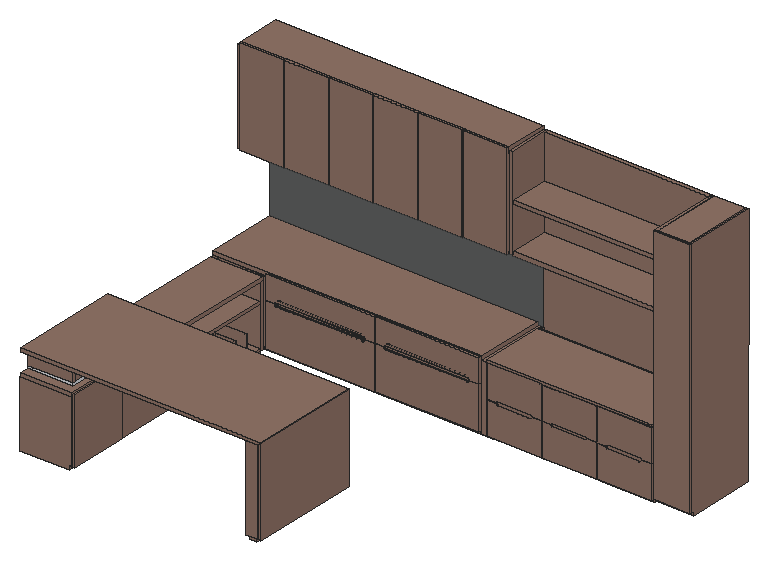
Revit family "T100020", category Furniture, Revit 2022
Family settings
  OmniClass Number = 23.40.20.00
  OmniClass Title = General Furniture and Specialties
  Work Plane-Based = No
  Always vertical = Yes
  Cut with Voids When Loaded = No
  Render Appearance Source = Family Geometry
  Shared = No
  Room Calculation Point = No
Parameters (values of type "T100189")
  URL = "https://ofs.com/"
  Manufacturer = "OFS"
  Description = "OFS TYPICAL T100189"
  Default Elevation = 0"
  Copyright © = "©OFS 2021"
  Catalog = "https://ofs.com/2020-experience"
  Authoring Version = "Autodesk Revit Architecture 2015"
  Assembly Code = "E2020400"
Reference planes (in)
  plane 1 "Center Front/Back": y = 0
  plane 2: z = 0
  plane 3 "Center Left/Right": x = 0
Dimensions and locks (in)
  aligned and locked: level to plane 2
Nested families (in)
  nested 1: "OFS ELEMENT OPEN L DESK LEFT AND RIGHT 84in Width 60in Return" at (102, 18.84375, 84), type "ELEMENT OPEN L DESK LEFT RETURN 84in Width 60in Return"
    with Right Desk Ovelay no, Left Desk Overlay no, Desk Overlay Option yes
  nested 2: "OFS SLATE STORAGE CABINET WARDROBE" at (108, 0, 0), type "Storage Cabinet-Wardrobe 24.75D Left - 12W x 81H"
    with Top OFS SLATE Dark Wood, Right no, Left yes, Glides OFS SLATE Black Plastic, Door OFS SLATE Dark Wood, Case OFS SLATE Dark Wood, Base OFS SLATE Dark Wood
  nested 3: "OFS SLATE LOW HEIGHT MODULAR PEDESTAL" at (54, 0, 0), type "LOW HEIGHT MODUALR PEDESTAL Top Pull"
    with Top OFS SLATE Dark Wood, Panel OFS SLATE Dark Wood, Mount Panel OFS SLATE Dark Wood, Glides OFS SLATE Black Plastic, Drawers OFS SLATE Dark Wood, Base OFS SLATE Dark Wood
  nested 4: "OFS SLATE LOW HEIGHT MODULAR PEDESTAL" at (72, 0, 0), type "LOW HEIGHT MODUALR PEDESTAL Top Pull"
    with Top OFS SLATE Dark Wood, Panel OFS SLATE Dark Wood, Mount Panel OFS SLATE Dark Wood, Glides OFS SLATE Black Plastic, Drawers OFS SLATE Dark Wood, Base OFS SLATE Dark Wood
  nested 5: "OFS SLATE LOW HEIGHT MODULAR PEDESTAL" at (90, 0, 0), type "LOW HEIGHT MODUALR PEDESTAL Top Pull"
    with Top OFS SLATE Dark Wood, Panel OFS SLATE Dark Wood, Mount Panel OFS SLATE Dark Wood, Glides OFS SLATE Black Plastic, Drawers OFS SLATE Dark Wood, Base OFS SLATE Dark Wood
  nested 6: "OFS SLATE MODULAR TECH SPACER" at (-21.30951, -97.22222, -1.62622) x (-1, 0, 0) z (0, 0, 1), type "MODULAR TECH SPACER 32.75D Right"
    with Elevation 24 3/4"
  nested 7: "OFS SLATE WALLMOUNT PANEL WITH SHELF VENEER PARTIAL HEIGHT C" at (81, -12, 0), type "WALLMOUNT PANEL WITH RIGHT SHELF VENEER 4H 54in - 2H Shelf"
    with Chasis OFS SLATE Dark Wood, C6J Intermediate Shelf yes, C6J yes
  nested 8: "OFS SLATE LOW HEIGHT CONSOLE RETURN" at (-36, -25.50068, 0) x (0, 1, 0) z (0, 0, 1), type "Low Height Console Return 78W - Right"
    with Shelf OFS SLATE Dark Wood, Glide OFS SLATE Silver Metal, Door OFS SLATE Dark Wood, Case OFS SLATE Dark Wood, Bookshelf OFS SLATE Dark Wood
  nested 9: "OFS SLATE WALLMOUNT PANEL GLASS 2H" at (9, -12, -6), type "WALLMOUNT PANEL GLASS BOARD 2H 90""
    with Glass OFS SLATE Glass, Back Panel OFS SLATE Black Plastic, Height 28"
  nested 10: "OFS SLATE OVERLAY RUNOFF DESK W PANEL BASE - Left" at (3.5, -91.50068, 0) x (-1, 0, 0) z (0, 0, 1), type "OVERLAY RUNOFF DESK W PANEL BASE 78W x 36D Left"
    with Glides OFS SLATE Black Plastic, Front Panel Finish OFS SLATE Dark Wood, Chasis OFS SLATE Dark Wood
  nested 11: "OFS SLATE OVERLAY WALLMOUNT ORGANIZER W HINGED DOORS 2H" at (9, -12, 0), type "OVERLAY WALLMOUNT ORGANIZER W 6 HINGED DOORS 2H 90""
    with Glides OFS SLATE Black Plastic, Front Panel Finish OFS SLATE Dark Wood, Chasis OFS SLATE Dark Wood
  nested 12: "OFS SLATE WORKWALL LOW HEIGHT CORNER DOCK" at (-6, 0, 0), type "SLATE WORKWALL LOW HEIGHT OVERLAY CORNER DOCK-CREDENZA LATERAL FILE 90W Left"
    with Width 90", Top OFS Dark Wood, Panel OFS Dark Wood, Glides OFS Black Plastic, Drawers OFS Dark Wood, Case OFS Dark Wood, Base OFS Dark Wood
  nested 13: "OFS SLATE STORAGE MODULAR CABINET TOPS - Wire Drop Back" at (33, -3.36145, 0), type "Workwall Modular Cabinet Top w Wire Drop on the Back 54W SG"
    with Top Cabinet OFS SLATE Dark Wood, Height from Floor 24"
Definition of nested family "OFS SLATE STORAGE CABINET WARDROBE"
  Parameters (values of type "Storage Cabinet-Wardrobe 24.75D Left - 12W x 81H")
    Width = 12"
    URL = "http://www.ofs.com/"
    Top [instance] = none
    Right [instance] = no
    Model = "CA-122481LSW"
    Manufacturer = "CAROLINA"  # constant formula
    Left [instance] = yes
    Height = 81"
    Glides [instance] = none
    Door [instance] = none
    Description = "OFS SLATE Storage Cabinet/Wardrobe Left 12W x 24.75D x 80.75H, Slate Private Office"
    Depth = 24"
    Default Elevation = 0"
    Copyright © = "© 2019 OFS"  # constant formula
    Catalog = "https://ofs.com/products/tables/conference/slate"  # constant formula
    Case [instance] = none
    Base [instance] = none
    Authoring Version = "Autodesk Revit Architecture 2014"  # constant formula
    Assembly Code = "E2020200"
  Types (16): name | Width | Right | Model | Left | Height | Description | Depth
    Storage Cabinet-Wardrobe 24.75D Left - 18W x 81H | 18" | no | "CA-182481LSW" | yes | 81" | "OFS SLATE Storage Cabinet/Wardrobe Left 18W x 24.75D x 80.75H, Slate Private Office" | 24"
    Storage Cabinet-Wardrobe 24.75D Left - 12W x 81H | 12" | no | "CA-122481LSW" | yes | 81" | "OFS SLATE Storage Cabinet/Wardrobe Left 12W x 24.75D x 80.75H, Slate Private Office" | 24"
    Storage Cabinet-Wardrobe 24.75D Left - 18W x 69H | 18" | no | "CA-182469LSW" | yes | 69" | "OFS SLATE Storage Cabinet/Wardrobe Left 18W x 24.75D x 68.75H, Slate Private Office" | 24"
    Storage Cabinet-Wardrobe 24.75D Left - 12W x 69H | 12" | no | "CA-122469LSW" | yes | 69" | "OFS SLATE Storage Cabinet/Wardrobe Left 12W x 24.75D x 68.75H, Slate Private Office" | 24"
    Storage Cabinet-Wardrobe 24.75D Right - 18W x 81H | 18" | yes | "CA-182481RSW" | no | 81" | "OFS SLATE Storage Cabinet/Wardrobe Right 18W x 24.75D x 80.75H, Slate Private Office" | 24"
    Storage Cabinet-Wardrobe 24.75D Right - 12W x 81H | 12" | yes | "CA-122481RSW" | no | 81" | "OFS SLATE Storage Cabinet/Wardrobe Right 12W x 24.75D x 80.75H, Slate Private Office" | 24"
    Storage Cabinet-Wardrobe 24.75D Right - 18W x 69H | 18" | yes | "CA-182469RSW" | no | 69" | "OFS SLATE Storage Cabinet/Wardrobe Right 18W x 24.75D x 68.75H, Slate Private Office" | 24"
    Storage Cabinet-Wardrobe 24.75D Right - 12W x 69H | 12" | yes | "CA-122469RSW" | no | 69" | "OFS SLATE Storage Cabinet/Wardrobe Right 12W x 24.75D x 68.75H, Slate Private Office" | 24"
    Storage Cabinet-Wardrobe 18D Left - 18W x 81H | 18" | no | "CA-181881LSW" | yes | 81" | "OFS SLATE Storage Cabinet/Wardrobe Left 18W x 18D x 80.75H, Slate Private Office" | 18"
    Storage Cabinet-Wardrobe 18D Left - 12W x 81H | 12" | no | "CA-121881LSW" | yes | 81" | "OFS SLATE Storage Cabinet/Wardrobe Left 12W x 18D x 80.75H, Slate Private Office" | 18"
    Storage Cabinet-Wardrobe 18D Left - 18W x 69H | 18" | no | "CA-181869LSW" | yes | 69" | "OFS SLATE Storage Cabinet/Wardrobe Left 18W x 18D x 68.75H, Slate Private Office" | 18"
    Storage Cabinet-Wardrobe 18D Left - 12W x 69H | 12" | no | "CA-121869LSW" | yes | 69" | "OFS SLATE Storage Cabinet/Wardrobe Left 12W x 18D x 68.75H, Slate Private Office" | 18"
    Storage Cabinet-Wardrobe 18D Right - 18W x 81H | 18" | yes | "CA-181881RSW" | no | 81" | "OFS SLATE Storage Cabinet/Wardrobe Right 18W x 18D x 80.75H, Slate Private Office" | 18"
    Storage Cabinet-Wardrobe 18D Right - 12W x 81H | 12" | yes | "CA-121881RSW" | no | 81" | "OFS SLATE Storage Cabinet/Wardrobe Right 12W x 18D x 80.75H, Slate Private Office" | 18"
    Storage Cabinet-Wardrobe 18D Right - 18W x 69H | 18" | yes | "CA-181869RSW" | no | 69" | "OFS SLATE Storage Cabinet/Wardrobe Right 18W x 18D x 68.75H, Slate Private Office" | 18"
    Storage Cabinet-Wardrobe 18D Right - 12W x 69H | 12" | yes | "CA-121869RSW" | no | 69" | "OFS SLATE Storage Cabinet/Wardrobe Right 12W x 18D x 68.75H, Slate Private Office" | 18"
  Reference planes (in)
    plane 1 "Center (Front/Back)": y = 0
    plane 2: z = 0
    plane 3 "Center (Left/Right)": x = 0
    plane 4: x = 12
    plane 5: x = 6
    plane 6: y = -24
    plane 7: y = -27.66451
    plane 8: z = 80.7
    plane 9: z = 80.6375
    plane 10: z = 79.95
    plane 11: z = 1.7625
    plane 12: z = 2.45
    plane 13: z = 1.7
    plane 14: z = 0.45
    plane 15: z = 81
  Dimensions and locks (in)
    "Width": plane 3 "Center (Left/Right)" to plane 4
    equal spacing: plane 3 "Center (Left/Right)", plane 5, plane 4
    plane 15 to plane 8 to plane 9 to plane 10 = 0.3" locked, 1/16" locked, 11/16" locked
    plane 12 to plane 11 to plane 13 to plane 14 to level = 11/16" locked, 1/16" locked, 1 1/4" locked, 0.45" locked
    "Height": plane 15 to level
    equal spacing: nested 3, nested 4, plane 3 "Center (Left/Right)"
    locked: plane 7 to plane 6 at 3.66451
    "Depth": plane 6 to plane 1 "Center (Front/Back)"
    aligned and locked: level to plane 2
    aligned and locked: nested 1 to plane 7
    aligned and locked: plane 5 to nested 1
    aligned and locked: nested 4 to plane 7
  Nested families (in)
    nested 1: "Tag" at (6, -27.66451, 0) x (-1, 0, 0) z (0, 0, 1), visible <- "Left", type "Center", detail levels fine
      with Offset (LR) 0", Distance of Center (not Change) 0.11"
    nested 2: "OFS_Slate Private Office_Storage_Cabinet_Wardrobe" at (0, 0, 0), Top <- "Top", Glides <- "Glides", Drawers <- "Door", Case <- "Case", Base <- "Base", visible <- "Left", type "OFS_Slate Private Office_Storage_Cabinet_Wardrobe"
      with Top none, Right no, Left yes, Glides none, Drawers none, Case none, Base none, Height 81", Depth 24"
    nested 3: "OFS_Slate Private Office_Storage_Cabinet_Wardrobe" at (0, 0, 0) x (-1, 0, 0) z (0, 0, 1), Top <- "Top", Glides <- "Glides", Drawers <- "Door", Case <- "Case", Base <- "Base", visible <- "Right", type "OFS_Slate Private Office_Storage_Cabinet_Wardrobe"
      with Top none, Right no, Left yes, Glides none, Drawers none, Case none, Base none, Height 81", Depth 24"
    nested 4: "Tag" at (-6, -27.66451, 0), visible <- "Right", type "Center", detail levels fine
      with Offset (LR) 0", Distance of Center (not Change) 0.11"
  Definition of nested family "OFS_Slate Private Office_Storage_Cabinet_Wardrobe"
    Parameters
      Width = 12"
      URL = "http://www.ofsbrands.com/"
      Top [instance] = none
      Right [instance] = no
      Model = "Type Catalog"
      Manufacturer = "OFS BRANDS"  # constant formula
      Left [instance] = yes
      Height = 69"
      Glides [instance] = none
      Drawers [instance] = none
      Description = "Type Catalog"
      Depth = 18"
      Default Elevation = 0"
      Copyright © = "© 2016 OFS BRANDS"  # constant formula
      Catalog = "OFS"  # constant formula
      Case [instance] = none
      Base [instance] = none
      Authoring Version = "Autodesk Revit Architecture 2014"  # constant formula
      Assembly Code = "E2020200"
    Reference planes (in)
      plane 1 "Center (Front/Back)": y = 0
      plane 2: z = 0
      plane 3 "Center (Left/Right)": x = 0
      plane 4: x = 12
      plane 5: x = 6
      plane 6: y = -0.75
      plane 7: y = -1.37544
      plane 8: y = -18
      plane 9: y = -17.25
      plane 10: y = -16.375
      plane 11: y = -14.99956
      plane 12: y = -15.625
      plane 13: y = -21.66451
      plane 14: x = 0.75
      plane 15: x = 2.25
      plane 16: x = 9.75
      plane 17: x = 11.25
      plane 18: z = 68.7
      plane 19: z = 68.6375
      plane 20: z = 67.95
      plane 21: z = 1.7625
      plane 22: z = 2.45
      plane 23: z = 1.7
      plane 24: z = 0.45
      plane 25: z = 69
    Forms (in)
      Revolve 1, solid, material <- "Glides"
        sketch origin (14.86463, -1.37544, 140) x (1, 0, 0) y (0, 0, 1)
          loop
            line (-13.47373, -139.55) -> (-13.72373, -139.55) -> (-13.72373, -139.74756) -> (-13.76241, -139.74756)
            arc (-13.76241, -139.74756) -> (-13.84683, -139.89216) -> (-13.71873, -140) r 0.13
            line (-13.71873, -140) -> (-13.47373, -140) -> (-13.47373, -139.55)
          axis (-13.47373, -139.55) -> (-13.47373, -140)
        angle from 0 to 360
      Revolve 2, solid, material <- "Glides"
        sketch origin (-2.86463, -1.37544, 140) x (-1, 0, 0) y (0, 0, -1)
          loop
            line (-13.47373, 139.55) -> (-13.47373, 140) -> (-13.71873, 140)
            arc (-13.71873, 140) -> (-13.84683, 139.89216) -> (-13.76241, 139.74756) r 0.13
            line (-13.76241, 139.74756) -> (-13.72373, 139.74756) -> (-13.72373, 139.55) -> (-13.47373, 139.55)
          axis (-13.47373, 139.55) -> (-13.47373, 140)
        angle from 0 to 360
      Revolve 3, solid, material <- "Glides"
        sketch origin (14.86463, -14.99956, 140) x (1, 0, 0) y (0, 0, 1)
          loop
            line (-13.47373, -139.55) -> (-13.72373, -139.55) -> (-13.72373, -139.74756) -> (-13.76241, -139.74756)
            arc (-13.76241, -139.74756) -> (-13.84683, -139.89216) -> (-13.71873, -140) r 0.13
            line (-13.71873, -140) -> (-13.47373, -140) -> (-13.47373, -139.55)
          axis (-13.47373, -139.55) -> (-13.47373, -140)
        angle from 0 to 360
      Revolve 4, solid, material <- "Glides"
        sketch origin (14.86463, -14.99956, 140) x (1, 0, 0) y (0, 0, 1)
          loop
            line (-4.25553, -139.55) -> (-4.25553, -140) -> (-4.01053, -140)
            arc (-4.01053, -140) -> (-3.88244, -139.89216) -> (-3.96686, -139.74756) r 0.13
            line (-3.96686, -139.74756) -> (-4.00553, -139.74756) -> (-4.00553, -139.55) -> (-4.25553, -139.55)
          axis (-4.25553, -139.55) -> (-4.25553, -140)
        angle from 0 to 360
      Extrusion 5, solid, material <- "Case"
        sketch origin (-18.37457, -60, 0.45) x (-1, 0, 0) y (0, -1, 0)
          loop
            line (-19.12457, -59.25) -> (-19.12457, -57.75) -> (-20.62457, -57.75) -> (-20.62457, -59.25) -> (-19.12457, -59.25)
          loop
            line (-28.12457, -59.25) -> (-28.12457, -57.75) -> (-29.62457, -57.75) -> (-29.62457, -59.25) -> (-28.12457, -59.25)
          loop
            line (-19.12457, -44.375) -> (-20.62457, -44.375) -> (-20.62457, -45.875) -> (-19.12457, -45.875) -> (-19.12457, -44.375)
          loop
            line (-28.12457, -44.375) -> (-29.62457, -44.375) -> (-29.62457, -45.875) -> (-28.12457, -45.875) -> (-28.12457, -44.375)
        from 0 to 1.25
      Sweep 6, solid, material <- "Case"
        path origin (-18.37457, -60, 0.45) x (-1, 0, 0) y (0, -1, 0)
          loop
            line (-19.12457, -60) -> (-19.12457, -44.375) -> (-29.62457, -44.375) -> (-29.62457, -60)
        profile origin (6, -15.625, 0.45) x (0, 1, 0) y (0, 0, 1)
          loop
            line (0, 0) -> (0, 1.25) -> (-0.75, 1.25) -> (-0.75, 0) -> (0, 0)
      Extrusion 7, solid, material <- "Case"
        sketch origin (0, 0, 0) x (1, 0, 0) y (0, 0, 1)
          loop
            line (0, 1.7) -> (0.75, 1.7) -> (0.75, 68.7) -> (0, 68.7) -> (0, 1.7)
          loop
            line (12, 1.7) -> (12, 68.7) -> (11.25, 68.7) -> (11.25, 1.7) -> (12, 1.7)
        from 0 to 17.25
      Extrusion 8, solid, material <- "Drawers"
        sketch origin (-3.04745, -18, 140) x (-1, 0, 0) y (0, 0, 1)
          loop
            line (-14.98502, -138.2375) -> (-3.10988, -138.2375) -> (-3.10988, -71.3625) -> (-14.98502, -71.3625) -> (-14.98502, -138.2375)
        from 0 to 0.75
      Extrusion 9, solid, material <- "Top"
        sketch origin (0.75, 2.87053, 140) x (0, 1, 0) y (0, 0, 1)
          loop
            line (-2.87053, -71.3) -> (-20.12053, -71.3) -> (-20.12053, -72.05) -> (-2.87053, -72.05) -> (-2.87053, -71.3)
        from 0 to 10.5
      Extrusion 10, solid, material <- "Base"
        sketch origin (0.75, 2.87053, 140) x (0, 1, 0) y (0, 0, 1)
          loop
            line (-3.62053, -137.55) -> (-20.12053, -137.55) -> (-20.12053, -138.3) -> (-3.62053, -138.3) -> (-3.62053, -137.55)
        from 0 to 10.5
      Extrusion 11, solid, material <- "Case"
        sketch origin (-18.37457, -60, 0.45) x (-1, 0, 0) y (0, -1, 0)
          loop
            line (-19.12457, -60) -> (-19.12457, -59.25) -> (-29.62457, -59.25) -> (-29.62457, -60) -> (-19.12457, -60)
        from 0 to 67.5
    Cuts and joins
      joined: Sweep 6, Extrusion 7
      joined: Revolve 1, Revolve 2, Revolve 3, Revolve 4
    Lines and regions (in)
      Masking region 1
        outline origin (-18.37457, -60, 68.7) x (-1, 0, 0) y (0, -1, 0)
          loop
            line (-18.37457, -60) -> (-18.37457, -42) -> (-30.37457, -42) -> (-30.37457, -60) -> (-18.37457, -60)
      symbolic lines, detail levels medium+fine
        curve 1: line (0, -18, 68.7) -> (12, -21.66451, 68.7)
        curve 2: line (12, -21.66451, 68.7) -> (12, -18, 68.7)
    Dimensions and locks (in)
      "Width": plane 3 "Center (Left/Right)" to plane 4
      equal spacing: plane 3 "Center (Left/Right)", plane 5, plane 4
      plane 3 "Center (Left/Right)" to plane 14 to plane 15 = 3/4" locked, 1 1/2" locked
      plane 16 to plane 17 to plane 4 = 1 1/2" locked, 3/4" locked
      plane 13 to plane 8 to plane 9 to plane 10 to plane 12 to plane 11 = 3.66451" locked, 3/4" locked, 7/8" locked, 3/4" locked, 0.62544" locked
      plane 7 to plane 6 to plane 1 "Center (Front/Back)" = 0.62544" locked, 3/4" locked
      "Depth": plane 8 to plane 1 "Center (Front/Back)"
      plane 25 to plane 18 to plane 19 to plane 20 = 0.3" locked, 1/16" locked, 11/16" locked
      plane 22 to plane 21 to plane 23 to plane 24 to level = 11/16" locked, 1/16" locked, 1 1/4" locked, 0.45" locked
      "Height": plane 25 to level
      aligned and locked: level to plane 2
      aligned and locked: Extrusion 5 sketch curve to plane 6  (x2)
      aligned and locked: plane 14 to Extrusion 5 sketch curve
      aligned and locked: Extrusion 5 sketch curve to plane 15
      aligned and locked: plane 16 to Extrusion 5 sketch curve
      aligned and locked: plane 17 to Extrusion 5 sketch curve
      aligned and locked: Extrusion 5 sketch curve to plane 12  (x2)
      aligned and locked: Extrusion 5 sketch curve to plane 14
      aligned and locked: plane 15 to Extrusion 5 sketch curve
      aligned and locked: Extrusion 5 sketch curve to plane 16
      aligned and locked: Extrusion 5 sketch curve to plane 17
      aligned and locked: plane 23 to Extrusion 5
      aligned and locked: Sweep 6 sketch curve to plane 12
      aligned and locked: plane 18 to Extrusion 7 sketch curve
      aligned and locked: Extrusion 7 sketch curve to plane 3 "Center (Left/Right)"
      aligned and locked: plane 14 to Extrusion 7 sketch curve
      aligned and locked: Extrusion 7 sketch curve to plane 18
      aligned and locked: Extrusion 7 sketch curve to plane 17
      aligned and locked: Extrusion 7 sketch curve to plane 4
      aligned and locked: plane 9 to Extrusion 7
      aligned and locked: plane 19 to Extrusion 8 sketch curve
      aligned and locked: plane 21 to Extrusion 8 sketch curve
      aligned and locked: Extrusion 9 sketch curve to plane 9
      aligned and locked: Extrusion 9 sketch curve to plane 18
      aligned and locked: plane 20 to Extrusion 9 sketch curve
      aligned and locked: plane 1 "Center (Front/Back)" to Extrusion 9 sketch curve
      aligned and locked: Extrusion 10 sketch curve to plane 22
      aligned and locked: Extrusion 10 sketch curve to plane 6
      aligned and locked: Extrusion 10 to plane 17
      aligned and locked: Extrusion 11 sketch curve to Extrusion 10
      aligned and locked: plane 20 to Extrusion 11
      aligned and locked: Extrusion 9 to plane 17
      aligned and locked: plane 14 to Sweep 6 sketch curve
      aligned and locked: plane 17 to Sweep 6 sketch curve
      aligned and locked: Extrusion 11 to plane 24
      aligned and locked: Masking region 1 sketch curve to plane 4
      aligned and locked: plane 3 "Center (Left/Right)" to Masking region 1 sketch curve
      aligned and locked: plane 1 "Center (Front/Back)" to Masking region 1 sketch curve
      aligned and locked: plane 8 to Masking region 1 sketch curve
      aligned and locked: plane 13 to curve 1
      aligned and locked: plane 4 to curve 1
      aligned and locked: plane 3 "Center (Left/Right)" to curve 1
      aligned and locked: plane 8 to curve 1
      aligned and locked: plane 8 to curve 2
      aligned and locked: Extrusion 7 sketch curve to plane 23
      aligned and locked: plane 23 to Extrusion 7 sketch curve
      aligned and locked: plane 1 "Center (Front/Back)" to Sweep 6 sketch curve  (x2)
    Automatic sketch dimensions
      Revolve 1 sketch curve to plane 24 = 0"
      Revolve 1 sketch curve to level = 0"
      Revolve 1 sketch curve to plane 24 = 0.19756"
      plane 14 to Revolve 1 sketch curve = 0.35223"
      Revolve 1 sketch curve to Revolve 1 sketch curve = 0.03868"
      Revolve 1 sketch curve to Revolve 1 sketch curve = 0.005"
      Revolve 1 sketch curve to Revolve 1 sketch curve = 0.245"
      Revolve 1 sketch curve to Revolve 1 sketch curve = 0"
      Revolve 1 sketch curve to level = 0.14265"
      Revolve 1 sketch curve to Revolve 1 sketch curve = 0.19756"
      Revolve 2 sketch curve to plane 24 = 0"
      Revolve 2 sketch curve to level = 0"
      Revolve 2 sketch curve to plane 24 = 0.19756"
      plane 17 to Revolve 2 sketch curve = 0.35223"
      Revolve 2 sketch curve to Revolve 2 sketch curve = 0.03868"
      Revolve 2 sketch curve to Revolve 2 sketch curve = 0.005"
      Revolve 2 sketch curve to Revolve 2 sketch curve = 0.245"
      Revolve 2 sketch curve to Revolve 2 sketch curve = 0"
      Revolve 2 sketch curve to Revolve 2 sketch curve = 0.19756"
      Revolve 2 sketch curve to level = 0.14265"
      Revolve 3 sketch curve to plane 24 = 0"
      Revolve 3 sketch curve to level = 0"
      Revolve 3 sketch curve to plane 24 = 0.19756"
      plane 14 to Revolve 3 sketch curve = 0.35223"
      Revolve 3 sketch curve to Revolve 3 sketch curve = 0.03868"
      Revolve 3 sketch curve to Revolve 3 sketch curve = 0.005"
      Revolve 3 sketch curve to Revolve 3 sketch curve = 0.245"
      Revolve 3 sketch curve to Revolve 3 sketch curve = 0"
      Revolve 3 sketch curve to level = 0.14265"
      Revolve 3 sketch curve to Revolve 3 sketch curve = 0.19756"
      Revolve 4 sketch curve to plane 24 = 0"
      Revolve 4 sketch curve to level = 0"
      plane 17 to Revolve 4 sketch curve = 0.6409"
      Revolve 4 sketch curve to Revolve 4 sketch curve = 0.245"
      Revolve 4 sketch curve to Revolve 4 sketch curve = 0.005"
      Revolve 4 sketch curve to Revolve 4 sketch curve = 0.03868"
      Revolve 4 sketch curve to Revolve 4 sketch curve = 0.13"
      Revolve 4 sketch curve to Revolve 4 sketch curve = 0"
      Revolve 4 sketch curve to level = 0.14265"
      Revolve 4 sketch curve to Revolve 4 sketch curve = 0.19756"
      plane 7 to Extrusion 5 sketch curve = 0.87456"  (x2)
      Extrusion 5 sketch curve to plane 11 = 0.87456"  (x2)
      Sweep 6 sketch curve to plane 24 = 0"
      Sweep 6 sketch curve to profile plane = 0"
      profile plane to Sweep 6 sketch curve = 3/4"
      Sweep 6 sketch curve to Sweep 6 sketch curve = 1 1/4"
      Extrusion 8 sketch curve to plane 4 = 0.06243"
      plane 3 "Center (Left/Right)" to Extrusion 8 sketch curve = 0.06243"
      Extrusion 11 sketch curve to plane 6 = 0"
      Extrusion 10 sketch curve to plane 9 = 0"
      Extrusion 10 sketch curve to plane 23 = 0"
      Extrusion 11 sketch curve to plane 14 = 0"
      plane 1 "Center (Front/Back)" to Extrusion 11 sketch curve = 0"
  Definition of nested family "Tag"
    Parameters
      P_Width = 0"
      Text_Width = "Empty"
      Text_Height = "Empty"
      Text_Diameter = "Empty"
      Text_Depth = "Empty"
      Offset (LR) [instance] = 0"
      Model Name = "Type Catalog"
      P_Height = 0"
      Distance of Center (not Change) = 0.1"
      P_Diameter = 0"
      P_Depth = 0"
    Reference planes (in)
      plane 1: y = 0
      plane 2: x = 0
    Lines and regions (in)
      reference lines
        curve 1: line (-0.44359, 0.1, 0) -> (0.41085, 0.1, 0)
        curve 3: line (0, 0.42564, 0) -> (0, -0.30221, 0)
      reference lines, not visible
        curve 2: line (-0.44359, 0.09843, 0) -> (0.41085, 0.09843, 0)
        curve 4: line (0, 0.42407, 0) -> (0, -0.30379, 0)
    Text (in)
      label "Empty" at (0.00197, 0.0921, 0), shows "Model Name"
      label "Empty" at (0.00197, 0.09052, 0), shows "Model Name", not visible
    Dimensions and locks (in)
      "Distance of Center (not Change)": plane 1 to curve 1
      "Offset (LR)": curve 3 to plane 2
    Automatic sketch dimensions
      curve 1 to curve 3 = 0.44359"
      curve 3 to curve 1 = 0.41085"
      curve 3 to curve 1 = 0.40221"
      curve 1 to curve 3 = 0.32564"
      curve 2 to curve 4 = 0.44359"
      curve 4 to curve 2 = 0.41085"
      curve 4 to curve 2 = 0.40221"
      curve 2 to curve 4 = 0.32564"
Definition of nested family "OFS SLATE LOW HEIGHT MODULAR PEDESTAL"
  Parameters (values of type "LOW HEIGHT MODUALR PEDESTAL Top Pull")
    Width = 18"
    URL = "http://www.ofs.com/"
    Top [instance] = none
    Panel [instance] = none
    Mount Panel [instance] = none
    Model = "CA-1824MCL-1"
    Manufacturer = "CAROLINA"
    Height = 23 1/4"
    Glides [instance] = none
    Drawers [instance] = none
    Description = "OFS SLATE LOW HEIGHT MODULAR PEDESTAL Top Pull, Flush Drawer Front with Integrated Top Pull"
    Depth = 24 3/4"
    Default Elevation = 0"
    Copyright © = "© 2019 OFS"
    Catalog = "https://ofs.com/products/tables/conference/slate"
    Base [instance] = none
    Authoring Version = "Autodesk Revit Architecture 2014"
    Assembly Code = "E2020200"
    Center Pull = no
    Top Pull = yes
  Types (2): name | Model | Description | Center Pull | Top Pull
    LOW HEIGHT MODUALR PEDESTAL Top Pull | "CA-1824MCL-1" | "OFS SLATE LOW HEIGHT MODULAR PEDESTAL Top Pull, Flush Drawer Front with Integrated Top Pull" | no | yes
    LOW HEIGHT MODUALR PEDESTAL Center Pull | "CA-1824MCL-2" | "OFS SLATE LOW HEIGHT MODULAR PEDESTAL Center Pull, Flush Drawer Front with Integrated Center Pull" | yes | no
  Reference planes (in)
    plane 1 "Center (Front/Back)": y = 0
    plane 2: z = 0
    plane 3 "Center (Left/Right)": x = 0
    plane 4: z = 23.25
    plane 5: z = 22.0625
    plane 6: z = 21.3125
    plane 7: z = 0.45
    plane 8: x = 18
    plane 9: y = -24.75
  Forms (in)
    Revolve 1, solid, material <- "Glides"
      sketch origin (1.39612, -1.00602, 47.24409) x (0, -1, 0) y (0, 0, 1)
        loop
          line (0.3731, -47.24409) -> (0.3731, -46.79409) -> (0.08442, -46.79409) -> (0.08442, -46.99165)
          arc (0.08442, -46.99165) -> (-0.00059, -47.13636) -> (0.1281, -47.24409) r 0.12988
          line (0.1281, -47.24409) -> (0.3731, -47.24409)
        axis (0.3731, -46.79409) -> (0.3731, -47.24409)
      angle from 0 to 360
    Extrusion 2, solid, material <- "Mount Panel"
      sketch origin (40.3125, 0, 0) x (1, 0, 0) y (0, 0, 1)
        loop
          line (-39.5625, 0.45) -> (-23, 0.45) -> (-23, 4.45) -> (-39.5625, 4.45) -> (-39.5625, 0.45)
      from 0.75 to 0
    Extrusion 3, solid, material <- "Mount Panel"
      sketch origin (40.3125, 0, 0) x (1, 0, 0) y (0, 0, 1)
        loop
          line (-39.5625, 18.0625) -> (-23, 18.0625) -> (-23, 22.0625) -> (-39.5625, 22.0625) -> (-39.5625, 18.0625)
      from 0.75 to 0
    Extrusion 4, void
      sketch origin (0, 0, 2.95) x (1, 0, 0) y (0, 0, 1)
        loop
          line (14.45538, 10.03125) -> (3.67828, 10.03125)
          arc (3.67828, 10.03125) -> (3.11697, 9.46999) -> (3.67819, 8.90862) r 0.56131
          line (3.67819, 8.90862) -> (14.45528, 8.90678)
          arc (14.45528, 8.90678) -> (15.01761, 9.46897) -> (14.45538, 10.03125) r 0.56224
      from 24.51989 to 28.22893
    Extrusion 5, solid, material <- "Base"
      sketch origin (-71.875, 0, 1.7) x (0, -1, 0) y (-1, 0, 0)
        loop
          line (15.91339, -72.625) -> (15.91339, -89.1875) -> (19.91339, -89.1875) -> (19.91339, -72.625) -> (15.91339, -72.625)
      from -19.6125 to -20.3625
    Extrusion 6, solid, material <- "Base"
      sketch origin (-71.875, 0, 1.7) x (0, -1, 0) y (-1, 0, 0)
        loop
          line (4, -72.625) -> (4, -89.1875) -> (8, -89.1875) -> (8, -72.625) -> (4, -72.625)
      from -19.6125 to -20.3625
    Revolve 7, solid, material <- "Glides"
      sketch origin (1.39612, -21.38014, 47.24409) x (0, -1, 0) y (0, 0, 1)
        loop
          line (0.28648, -47.24409) -> (0.28648, -46.79409) -> (-0.00219, -46.79409) -> (-0.00219, -46.99165)
          arc (-0.00219, -46.99165) -> (-0.08721, -47.13636) -> (0.04148, -47.24409) r 0.12988
          line (0.04148, -47.24409) -> (0.28648, -47.24409)
        axis (0.28648, -46.79409) -> (0.28648, -47.24409)
      angle from 0 to 360
    Extrusion 8, solid, material <- "Panel"
      sketch origin (-71.875, 0, 1.7) x (0, -1, 0) y (-1, 0, 0)
        loop
          line (0.75, -72.625) -> (0.75, -89.1875) -> (22.97589, -89.1875) -> (22.97589, -72.625) -> (0.75, -72.625)
      from 1.25 to -0.75
    Extrusion 9, solid, material <- "Panel"
      sketch origin (50, 0, 0) x (1, 0, 0) y (0, 0, 1)
        loop
          line (-32.6875, 22.0625) -> (-32.6875, 0.45) -> (-32, 0.45) -> (-32, 22.0625) -> (-32.6875, 22.0625)
      from 23.9375 to 0
    Extrusion 10, solid, material <- "Drawers"
      sketch origin (118.00657, -24, -10.53379) x (1, 0, 0) y (0, 0, 1)
        loop
          line (-117.94407, 33.72129) -> (-117.94407, 23.01504) -> (-100.00657, 23.01504) -> (-100.00657, 33.72129) -> (-117.94407, 33.72129)
        loop
          line (-117.94407, 12.23379) -> (-100.00657, 12.23379) -> (-100.00657, 22.89004) -> (-117.94407, 22.89004) -> (-117.94407, 12.23379)
      from -0.0625 to 0.6875
    Extrusion 11, solid, material <- "Panel"
      sketch origin (50, 0, 0) x (1, 0, 0) y (0, 0, 1)
        loop
          line (-50, 22.0625) -> (-50, 0.45) -> (-49.25, 0.45) -> (-49.25, 22.0625) -> (-50, 22.0625)
      from 23.9375 to 0
    Extrusion 12, void
      sketch origin (0, 0, 0.45) x (0, 0, 1) y (0, 1, 0)
        loop
          line (0, -23.0625) -> (0, -24) -> (1.25, -24) -> (1.25, -23.0625) -> (0, -23.0625)
      from -21.88085 to 3.15176
    Extrusion 13, solid, material <- "Drawers", visible <- "Top Pull"
      sketch origin (0, 0, 0.45) x (0, 0, 1) y (0, 1, 0)
        loop
          line (1.25, -24.6875) -> (22.7375, -24.6875) -> (22.7375, -24.45475)
          arc (22.7375, -24.45475) -> (22.72298, -24.38174) -> (22.68162, -24.31984) r 0.19079
          line (22.68162, -24.31984) -> (22.29928, -23.9375) -> (1.25, -23.9375) -> (1.25, -24.6875)
      from -17.9375 to -0.0625
    Revolve 14, solid, material <- "Glides"
      sketch origin (16.60388, -1.00602, 47.24409) x (0, -1, 0) y (0, 0, 1)
        loop
          line (0.3731, -47.24409) -> (0.3731, -46.79409) -> (0.08442, -46.79409) -> (0.08442, -46.99165)
          arc (0.08442, -46.99165) -> (-0.00059, -47.13636) -> (0.1281, -47.24409) r 0.12988
          line (0.1281, -47.24409) -> (0.3731, -47.24409)
        axis (0.3731, -46.79409) -> (0.3731, -47.24409)
      angle from 0 to 360
    Revolve 15, solid, material <- "Glides"
      sketch origin (16.60388, -21.38014, 47.24409) x (0, -1, 0) y (0, 0, 1)
        loop
          line (0.28648, -47.24409) -> (0.28648, -46.79409) -> (-0.00219, -46.79409) -> (-0.00219, -46.99165)
          arc (-0.00219, -46.99165) -> (-0.08721, -47.13636) -> (0.04148, -47.24409) r 0.12988
          line (0.04148, -47.24409) -> (0.28648, -47.24409)
        axis (0.28648, -46.79409) -> (0.28648, -47.24409)
      angle from 0 to 360
  Cuts and joins
    Extrusion 4 cuts Extrusion 10
    Extrusion 12 cuts Extrusion 9
    Extrusion 12 cuts Extrusion 11
    joined: Extrusion 8, Extrusion 9, Extrusion 11
  Lines and regions (in)
    Masking region 1
      outline origin (100, -50, 0) x (1, 0, 0) y (0, 1, 0)
        loop
          line (-82, 50) -> (-100, 50) -> (-100, 25.25) -> (-82, 25.25) -> (-82, 50)
  Dimensions and locks (in)
    plane 4 to plane 5 to plane 6 = 1 3/16" locked, 3/4" locked
    "Height": plane 4 to level
    "Width": plane 3 "Center (Left/Right)" to plane 8
    "Depth": plane 9 to plane 1 "Center (Front/Back)"
    aligned and locked: level to plane 2
    aligned and locked: plane 5 to Extrusion 5
    aligned and locked: plane 5 to Extrusion 6
    aligned and locked: Extrusion 5 to plane 6
    aligned and locked: Extrusion 6 to plane 6
  Automatic sketch dimensions
    plane 7 to Revolve 1 sketch curve = 0"
    Revolve 1 sketch curve to level = 0"  (x2)
    Revolve 1 sketch curve to plane 1 "Center (Front/Back)" = 1.09044"
    Revolve 1 sketch curve to Revolve 1 sketch curve = 11/256"
    Revolve 1 sketch curve to Revolve 1 sketch curve = 0.00072"
    Revolve 1 sketch curve to Revolve 1 sketch curve = 0.28868"
    Revolve 1 sketch curve to level = 0.12988"
    Revolve 1 sketch curve to Revolve 1 sketch curve = 0"
    level to Revolve 1 sketch curve = 0.06704"
    Extrusion 2 sketch curve to plane 7 = 0"
    plane 3 "Center (Left/Right)" to Extrusion 2 sketch curve = 3/4"
    Extrusion 2 sketch curve to plane 8 = 11/16"
    Extrusion 2 sketch curve to Extrusion 2 sketch curve = 4"
    Extrusion 3 sketch curve to plane 5 = 0"
    plane 3 "Center (Left/Right)" to Extrusion 3 sketch curve = 3/4"
    Extrusion 3 sketch curve to plane 8 = 11/16"
    Extrusion 3 sketch curve to plane 6 = 3 1/4"
    plane 3 "Center (Left/Right)" to Extrusion 4 sketch curve = 3.67819"
    Extrusion 4 sketch curve to Extrusion 4 sketch curve = 0.0001"  (x2)
    Extrusion 4 sketch curve to plane 8 = 3.54472"
    Extrusion 4 sketch curve to plane 6 = 9.45572"
    Extrusion 4 sketch curve to Extrusion 4 sketch curve = 0.00184"
    Extrusion 4 sketch curve to Extrusion 4 sketch curve = 0.56224"
    Extrusion 5 sketch curve to plane 8 = 11/16"
    Extrusion 5 sketch curve to plane 9 = 8.83661"
    plane 3 "Center (Left/Right)" to Extrusion 5 sketch curve = 3/4"
    Extrusion 5 sketch curve to Extrusion 5 sketch curve = 4"
    Extrusion 6 sketch curve to plane 8 = 11/16"
    plane 1 "Center (Front/Back)" to Extrusion 6 sketch curve = 4"
    plane 3 "Center (Left/Right)" to Extrusion 6 sketch curve = 3/4"
    Extrusion 6 sketch curve to Extrusion 6 sketch curve = 4"
    plane 7 to Revolve 7 sketch curve = 0"
    Revolve 7 sketch curve to level = 0"  (x2)
    plane 9 to Revolve 7 sketch curve = 3.37205"
    Revolve 7 sketch curve to Revolve 7 sketch curve = 11/256"
    Revolve 7 sketch curve to Revolve 7 sketch curve = 0.00072"
    Revolve 7 sketch curve to Revolve 7 sketch curve = 0.28868"
    Revolve 7 sketch curve to level = 0.12988"
    Revolve 7 sketch curve to Revolve 7 sketch curve = 0"
    level to Revolve 7 sketch curve = 0.06704"
    plane 1 "Center (Front/Back)" to Masking region 1 sketch curve = 0"
    Masking region 1 sketch curve to plane 3 "Center (Left/Right)" = 0"
    Masking region 1 sketch curve to plane 8 = 0"
    plane 9 to Masking region 1 sketch curve = 0"
    plane 1 "Center (Front/Back)" to Extrusion 8 sketch curve = 3/4"
    plane 3 "Center (Left/Right)" to Extrusion 8 sketch curve = 3/4"
    Extrusion 8 sketch curve to plane 9 = 1.77411"
    Extrusion 8 sketch curve to plane 8 = 11/16"
    Extrusion 9 sketch curve to plane 7 = 0"
    Extrusion 9 sketch curve to plane 5 = 0"
    Extrusion 9 sketch curve to plane 8 = 0"
    Extrusion 9 sketch curve to Extrusion 9 sketch curve = 11/16"
    Extrusion 10 sketch curve to plane 8 = 0"  (x2)
    plane 3 "Center (Left/Right)" to Extrusion 10 sketch curve = 1/16"  (x2)
    Extrusion 10 sketch curve to plane 7 = 1 1/4"
    Extrusion 10 sketch curve to plane 6 = 8.95625"
    Extrusion 10 sketch curve to Extrusion 10 sketch curve = 1/8"
    Extrusion 10 sketch curve to plane 4 = 1/16"
    Extrusion 11 sketch curve to plane 3 "Center (Left/Right)" = 0"
    Extrusion 11 sketch curve to plane 7 = 0"
    Extrusion 11 sketch curve to plane 5 = 0"
    plane 3 "Center (Left/Right)" to Extrusion 11 sketch curve = 3/4"
    Extrusion 11 to Extrusion 12 sketch curve = 0"
    Extrusion 12 sketch curve to Extrusion 11 = 1 1/4"
    Extrusion 12 sketch curve to Extrusion 11 = 1/16"
    Extrusion 11 to Extrusion 12 sketch curve = 7/8"
    Extrusion 13 sketch curve to Extrusion 11 = 0"
    Extrusion 13 sketch curve to Extrusion 11 = 1 1/4"
    Extrusion 13 sketch curve to Extrusion 11 = 0.68678"
    Extrusion 13 sketch curve to Extrusion 13 sketch curve = 0.24743"
    Extrusion 13 sketch curve to Extrusion 11 = 0.38234"
    Extrusion 13 sketch curve to Extrusion 13 sketch curve = 0.13491"
    Extrusion 13 sketch curve to Extrusion 13 sketch curve = 0.05588"
    Extrusion 13 sketch curve to Extrusion 11 = 3/4"
    plane 7 to Revolve 14 sketch curve = 0"
    Revolve 14 sketch curve to level = 0"  (x2)
    plane 1 "Center (Front/Back)" to Revolve 14 sketch curve = 1.09044"
    Revolve 14 sketch curve to Revolve 14 sketch curve = 11/256"
    Revolve 14 sketch curve to Revolve 14 sketch curve = 0.00072"
    Revolve 14 sketch curve to Revolve 14 sketch curve = 0.28868"
    level to Revolve 14 sketch curve = 0.12988"
    Revolve 14 sketch curve to Revolve 14 sketch curve = 0"
    Revolve 14 sketch curve to level = 0.06704"
    plane 7 to Revolve 15 sketch curve = 0"
    Revolve 15 sketch curve to level = 0"  (x2)
    Revolve 15 sketch curve to plane 9 = 3.37205"
    Revolve 15 sketch curve to Revolve 15 sketch curve = 11/256"
    Revolve 15 sketch curve to Revolve 15 sketch curve = 0.00072"
    Revolve 15 sketch curve to Revolve 15 sketch curve = 0.28868"
    level to Revolve 15 sketch curve = 0.12988"
    Revolve 15 sketch curve to Revolve 15 sketch curve = 0"
    Revolve 15 sketch curve to level = 0.06704"
Definition of nested family "OFS SLATE MODULAR TECH SPACER"
  Parameters (values of type "MODULAR TECH SPACER 32.75D Right")
    Width = 14 3/4"
    URL = "http://www.ofs.com/"
    Surface = none
    Right Sided = yes
    Model = "CA-36TDSR"
    Metal Joins = none
    Manufacturer = "CAROLINA"
    Left Sided = no
    Height = 6"
    Elevation [instance] = 24 3/4"
    Description = "OFS SLATE MODULAR TECH SPACER,  32.75\" Depth, Right Sided, Spacer for Low Height - 1.5 High Overlay Runoff Desks"
    Depth = 32 3/4"
    Default Elevation = 0"
    Copyright © = "© 2019 OFS"
    Catalog = "https://ofs.com/products/tables/conference/slate"
    Board Width = 3/4"
    Authoring Version = "Autodesk Revit Architecture 2014"
    Assembly Code = "E2020200"
  Types (4): name | Right Sided | Model | Left Sided | Description | Depth
    MODULAR TECH SPACER 26.75D Left | no | "CA-30TDSL" | yes | "OFS SLATE MODULAR TECH SPACER,  26.75\" Depth, Left Sided, Spacer for Low Height - 1.5 High Overlay Runoff Desks" | 26 3/4"
    MODULAR TECH SPACER 32.75D Left | no | "CA-36TDSL" | yes | "OFS SLATE MODULAR TECH SPACER,  32.75\" Depth, Left Sided, Spacer for Low Height - 1.5 High Overlay Runoff Desks" | 32 3/4"
    MODULAR TECH SPACER 26.75D Right | yes | "CA-30TDSR" | no | "OFS SLATE MODULAR TECH SPACER,  26.75\" Depth, Right Sided, Spacer for Low Height - 1.5 High Overlay Runoff Desks" | 26 3/4"
    MODULAR TECH SPACER 32.75D Right | yes | "CA-36TDSR" | no | "OFS SLATE MODULAR TECH SPACER,  32.75\" Depth, Right Sided, Spacer for Low Height - 1.5 High Overlay Runoff Desks" | 32 3/4"
  Reference planes (in)
    plane 1 "Center (Front/Back)": y = 3
    plane 2: z = 0
    plane 3 "Center (Left/Right)": x = 0
    plane 4: x = 7.375
    plane 5: x = 14.75
    plane 6: y = -13.375
    plane 7: y = -29.75
    plane 8: z = 24.75
    plane 9: z = 30.75
    plane 10: x = 14
    plane 11: x = 0.75
    plane 12: y = -29
    plane 13: y = 2.25
    plane 14: z = 25.5
    plane 15: z = 26.25
    plane 16: z = 29.25
  Forms (in)
    Extrusion 1, solid, material <- "Surface"
      sketch origin (-58.51531, -60, 24.75) x (-1, 0, 0) y (0, -1, 0)
        loop
          line (-58.51531, -63) -> (-58.51531, -62.25) -> (-73.26531, -62.25) -> (-73.26531, -63) -> (-58.51531, -63)
        loop
          line (-58.51531, -30.25) -> (-73.26531, -30.25) -> (-73.26531, -31) -> (-58.51531, -31) -> (-58.51531, -30.25)
      from 0.75 to 6
    Extrusion 2, solid, material <- "Surface"
      sketch origin (-42.47719, -68.17183, 24.75) x (-1, 0, 0) y (0, -1, 0)
        loop
          line (-42.47719, -39.17183) -> (-43.22719, -39.17183) -> (-43.22719, -70.42183) -> (-42.47719, -70.42183) -> (-42.47719, -39.17183)
        loop
          line (-57.22719, -39.17183) -> (-57.22719, -70.42183) -> (-56.47719, -70.42183) -> (-56.47719, -39.17183) -> (-57.22719, -39.17183)
      from 0.75 to 6
    Extrusion 3, solid
      sketch origin (0, 0, 0) x (1, 0, 0) y (0, 1, 0)
        loop
          line (0, 3) -> (0, -29.75) -> (14.75, -29.75) -> (14.75, 3) -> (0, 3)
      from 24.75 to 25.5
    Extrusion 4, void
      sketch origin (0, 0, 0) x (0, 1, 0) y (0, 0, 1)
        loop
          line (-6, 30.75) -> (-9, 30.75) -> (-9, 29)
          arc (-9, 29) -> (-8.92678, 28.82322) -> (-8.75, 28.75) r 0.25
          line (-8.75, 28.75) -> (-6.25, 28.75)
          arc (-6.25, 28.75) -> (-6.07322, 28.82322) -> (-6, 29) r 0.25
          line (-6, 29) -> (-6, 30.75)
      from 0 to 14.75
    Extrusion 5, solid, material <- "Surface", visible <- "Left Sided"
      sketch origin (0, 0, 0) x (0, 1, 0) y (0, 0, 1)
        loop
          line (-6, 30.75) -> (-9, 30.75) -> (-9, 29)
          arc (-9, 29) -> (-8.92678, 28.82322) -> (-8.75, 28.75) r 0.25
          line (-8.75, 28.75) -> (-6.25, 28.75)
          arc (-6.25, 28.75) -> (-6.07322, 28.82322) -> (-6, 29) r 0.25
          line (-6, 29) -> (-6, 30.75)
      from 0 to 0.75
    Extrusion 6, solid, material <- "Metal Joins"
      sketch origin (0, 3, 0) x (1, 0, 0) y (0, 0, 1)
        loop
          line (14, 29.75) -> (14, 30.75) -> (13, 30.75) -> (13, 30.6875) -> (13.9375, 30.6875) -> (13.9375, 29.75) -> (14, 29.75)
      from 3 to 6
    Extrusion 7, solid, material <- "Metal Joins"
      sketch origin (14.75, 3, 0) x (-1, 0, 0) y (0, 0, -1)
        loop
          line (14, -29.75) -> (13.9375, -29.75) -> (13.9375, -30.6875) -> (13, -30.6875) -> (13, -30.75) -> (14, -30.75) -> (14, -29.75)
      from 3 to 6
    Extrusion 8, solid, material <- "Metal Joins"
      sketch origin (0, -26.75, 0) x (1, 0, 0) y (0, 0, -1)
        loop
          line (14, -29.75) -> (13.9375, -29.75) -> (13.9375, -30.6875) -> (13, -30.6875) -> (13, -30.75) -> (14, -30.75) -> (14, -29.75)
      from 3 to 6
    Extrusion 9, solid, material <- "Metal Joins"
      sketch origin (14.75, -26.75, 0) x (-1, 0, 0) y (0, 0, 1)
        loop
          line (14, 29.75) -> (14, 30.75) -> (13, 30.75) -> (13, 30.6875) -> (13.9375, 30.6875) -> (13.9375, 29.75) -> (14, 29.75)
      from 3 to 6
    Extrusion 10, solid, material <- "Metal Joins"
      sketch origin (14.75, -31.5, 31.5) x (0, 1, 0) y (-1, 0, 0)
        loop
          line (32.75, 14) -> (32.75, 13.9375) -> (33.6875, 13.9375) -> (33.6875, 13) -> (33.75, 13) -> (33.75, 14) -> (32.75, 14)
      from -5.25 to -2.25
    Extrusion 11, solid, material <- "Metal Joins"
      sketch origin (0, -31.5, 31.5) x (0, -1, 0) y (1, 0, 0)
        loop
          line (-32.75, 14) -> (-33.75, 14) -> (-33.75, 13) -> (-33.6875, 13) -> (-33.6875, 13.9375) -> (-32.75, 13.9375) -> (-32.75, 14)
      from -5.25 to -2.25
    Extrusion 12, solid, material <- "Metal Joins"
      sketch origin (14.75, 4.75, 31.5) x (0, 1, 0) y (-1, 0, 0)
        loop
          line (-32.75, 14) -> (-33.75, 14) -> (-33.75, 13) -> (-33.6875, 13) -> (-33.6875, 13.9375) -> (-32.75, 13.9375) -> (-32.75, 14)
      from -5.25 to -2.25
    Extrusion 13, solid, material <- "Metal Joins"
      sketch origin (0, 4.75, 31.5) x (0, -1, 0) y (1, 0, 0)
        loop
          line (32.75, 14) -> (32.75, 13.9375) -> (33.6875, 13.9375) -> (33.6875, 13) -> (33.75, 13) -> (33.75, 14) -> (32.75, 14)
      from -5.25 to -2.25
    Extrusion 14, solid, material <- "Surface", visible <- "Right Sided"
      sketch origin (14, 0, 0) x (0, 1, 0) y (0, 0, 1)
        loop
          line (-6, 30.75) -> (-9, 30.75) -> (-9, 29)
          arc (-9, 29) -> (-8.92678, 28.82322) -> (-8.75, 28.75) r 0.25
          line (-8.75, 28.75) -> (-6.25, 28.75)
          arc (-6.25, 28.75) -> (-6.07322, 28.82322) -> (-6, 29) r 0.25
          line (-6, 29) -> (-6, 30.75)
      from 0 to 0.75
  Cuts and joins
    Extrusion 4 cuts Extrusion 2
  Lines and regions (in)
    Masking region 1
      outline origin (-58.51531, -60, 24.75) x (-1, 0, 0) y (0, -1, 0)
        loop
          line (-58.51531, -63) -> (-58.51531, -30.25) -> (-73.26531, -30.25) -> (-73.26531, -63) -> (-58.51531, -63)
  Dimensions and locks (in)
    equal spacing: plane 3 "Center (Left/Right)", plane 4, plane 5
    "Width": plane 3 "Center (Left/Right)" to plane 5
    equal spacing: plane 7, plane 6, plane 1 "Center (Front/Back)"
    "Depth": plane 7 to plane 1 "Center (Front/Back)"
    "Elevation": plane 8 to plane 2
    "Height": plane 9 to plane 8
    "Board Width": plane 7 to plane 12
    "Board Width": plane 1 "Center (Front/Back)" to plane 13
    "Board Width": plane 10 to plane 5
    "Board Width": plane 3 "Center (Left/Right)" to plane 11
    "Board Width": plane 14 to plane 8
    locked: plane 9 to plane 16 at 1.5
    locked: plane 15 to plane 8 at 1.5
    aligned and locked: level to plane 2
    aligned and locked: plane 1 "Center (Front/Back)" to Extrusion 1 sketch curve
    aligned and locked: Extrusion 1 sketch curve to plane 3 "Center (Left/Right)"
    aligned and locked: Extrusion 1 sketch curve to plane 7
    aligned and locked: Extrusion 1 sketch curve to plane 5
    aligned and locked: plane 9 to Extrusion 1
    aligned and locked: Masking region 1 to plane 5
    aligned and locked: Masking region 1 to plane 1 "Center (Front/Back)"
    aligned and locked: Masking region 1 to plane 3 "Center (Left/Right)"
    aligned and locked: plane 7 to Masking region 1
    aligned and locked: plane 13 to Extrusion 1 sketch curve
    aligned and locked: Extrusion 1 sketch curve to plane 12
    aligned and locked: Extrusion 2 sketch curve to plane 12  (x2)
    aligned and locked: Extrusion 2 sketch curve to plane 13
    aligned and locked: Extrusion 1 to Extrusion 2 sketch curve
    aligned and locked: Extrusion 2 sketch curve to plane 3 "Center (Left/Right)"
    aligned and locked: plane 11 to Extrusion 2 sketch curve
    aligned and locked: Extrusion 2 sketch curve to plane 10
    aligned and locked: Extrusion 2 sketch curve to plane 5
    aligned and locked: Extrusion 1 to plane 9
    aligned and locked: plane 9 to Extrusion 2
    aligned and locked: Extrusion 1 to plane 14
    aligned and locked: Extrusion 2 to plane 14
    aligned and locked: Extrusion 3 sketch curve to plane 7
    aligned and locked: Extrusion 3 sketch curve to plane 5
    aligned and locked: plane 1 "Center (Front/Back)" to Extrusion 3 sketch curve
    aligned and locked: Extrusion 3 sketch curve to plane 3 "Center (Left/Right)"
    aligned and locked: plane 14 to Extrusion 3
    aligned and locked: Extrusion 3 to plane 8
    aligned and locked: Extrusion 4 to plane 3 "Center (Left/Right)"
    aligned and locked: plane 5 to Extrusion 4
    aligned and locked: Extrusion 5 to plane 11
    aligned and locked: Extrusion 5 to plane 3 "Center (Left/Right)"
  Automatic sketch dimensions
    Extrusion 1 sketch curve to plane 5 = 0"
    Extrusion 1 sketch curve to plane 3 "Center (Left/Right)" = 0"
    plane 1 "Center (Front/Back)" to Masking region 1 sketch curve = 0"
    Masking region 1 sketch curve to plane 5 = 0"
    Masking region 1 sketch curve to plane 3 "Center (Left/Right)" = 0"
    plane 7 to Masking region 1 sketch curve = 0"
    Extrusion 4 sketch curve to plane 9 = 0"
    Extrusion 4 sketch curve to plane 16 = 1/4"  (x2)
    plane 6 to Extrusion 4 sketch curve = 4 3/8"
    Extrusion 4 sketch curve to Extrusion 4 sketch curve = 1/4"
    Extrusion 4 sketch curve to Extrusion 4 sketch curve = 2 1/2"
    Extrusion 5 sketch curve to plane 9 = 0"
    Extrusion 5 sketch curve to plane 16 = 1/4"  (x2)
    plane 6 to Extrusion 5 sketch curve = 4 3/8"
    Extrusion 5 sketch curve to Extrusion 5 sketch curve = 1/4"
    Extrusion 5 sketch curve to Extrusion 5 sketch curve = 2 1/2"
    Extrusion 6 sketch curve to plane 9 = 0"
    Extrusion 6 sketch curve to plane 10 = 0"
    Extrusion 6 sketch curve to plane 10 = 1/16"
    Extrusion 6 sketch curve to plane 9 = 1/16"
    Extrusion 6 sketch curve to Extrusion 6 sketch curve = 15/16"
    plane 16 to Extrusion 6 sketch curve = 1/2"
    Extrusion 7 sketch curve to plane 9 = 0"
    plane 11 to Extrusion 7 sketch curve = 0"
    plane 11 to Extrusion 7 sketch curve = 1/16"
    plane 9 to Extrusion 7 sketch curve = 1/16"
    Extrusion 7 sketch curve to Extrusion 7 sketch curve = 15/16"
    Extrusion 7 sketch curve to plane 16 = 1/2"
    Extrusion 8 sketch curve to plane 9 = 0"
    Extrusion 8 sketch curve to plane 10 = 0"
    Extrusion 8 sketch curve to plane 10 = 1/16"
    Extrusion 8 sketch curve to plane 9 = 1/16"
    Extrusion 8 sketch curve to Extrusion 8 sketch curve = 15/16"
    plane 16 to Extrusion 8 sketch curve = 1/2"
    Extrusion 9 sketch curve to plane 9 = 0"
    plane 11 to Extrusion 9 sketch curve = 0"
    Extrusion 9 sketch curve to plane 11 = 1/16"
    Extrusion 9 sketch curve to plane 9 = 1/16"
    Extrusion 9 sketch curve to Extrusion 9 sketch curve = 15/16"
    plane 16 to Extrusion 9 sketch curve = 1/2"
    Extrusion 10 sketch curve to plane 11 = 0"
    Extrusion 10 sketch curve to plane 13 = 0"
    Extrusion 10 sketch curve to Extrusion 10 sketch curve = 1/16"
    Extrusion 10 sketch curve to Extrusion 10 sketch curve = 15/16"  (x2)
    Extrusion 10 sketch curve to plane 11 = 1/16"
    Extrusion 11 sketch curve to plane 10 = 0"
    Extrusion 11 sketch curve to plane 13 = 0"
    Extrusion 11 sketch curve to Extrusion 11 sketch curve = 1/16"
    Extrusion 11 sketch curve to Extrusion 11 sketch curve = 15/16"  (x2)
    Extrusion 11 sketch curve to plane 10 = 1/16"
    Extrusion 12 sketch curve to plane 11 = 0"
    plane 12 to Extrusion 12 sketch curve = 0"
    Extrusion 12 sketch curve to plane 12 = 1/16"
    Extrusion 12 sketch curve to Extrusion 12 sketch curve = 15/16"  (x2)
    Extrusion 12 sketch curve to plane 11 = 1/16"
    Extrusion 13 sketch curve to plane 10 = 0"
    plane 12 to Extrusion 13 sketch curve = 0"
    Extrusion 13 sketch curve to plane 12 = 1/16"
    Extrusion 13 sketch curve to Extrusion 13 sketch curve = 15/16"  (x2)
    Extrusion 13 sketch curve to plane 10 = 1/16"
    Extrusion 14 sketch curve to plane 9 = 0"
    Extrusion 14 sketch curve to plane 16 = 1/4"  (x2)
    plane 6 to Extrusion 14 sketch curve = 4 3/8"
    Extrusion 14 sketch curve to Extrusion 14 sketch curve = 1/4"
    Extrusion 14 sketch curve to Extrusion 14 sketch curve = 2 1/2"
Definition of nested family "OFS SLATE WALLMOUNT PANEL WITH SHELF VENEER PARTIAL HEIGHT C"
  Parameters (values of type "WALLMOUNT PANEL WITH RIGHT SHELF VENEER 4H 54in - 2H Shelf")
    Width = 54"
    URL = "http://www.ofs.com/"
    SH2 = 29 5/16"  # constant formula
    SH1 = 14 1/4"  # constant formula
    Right Gap = 2"
    Model = "CA-5458RPS31"
    Manufacturer = "CAROLINA"
    Left Gap = 0"
    Height From Floor = 22"
    Height = 58 11/16"
    Description = "OFS SLATE WALLMOUNT PANEL WITH RIGHT SHELF, 4 Height, Veneer Finish, 54\" Width, 2 Height Shelf, Low Height Casegoods to achieve 5.5 High Workwall"
    Depth = 14 1/4"
    Default Elevation = 0"
    Copyright © = "©OFS 2019"
    Catalog = "https://ofs.com/products/tables/conference/slate"
    Chasis [instance] = none
    C6J Intermediate Shelf [instance] = yes
    C6J [instance] = and(SH2 > 20", C6J Intermediate Shelf)  # yes
    Back Board Thickness = 1 3/16"
    Authoring Version = "Autodesk Revit Architecture 2014"
    Assembly Code = "E2020200"
  Types (17): name | Width | Right Gap | Model | Left Gap | Height From Floor | Height | Description
    (no name) | 54" | 2" | "CA-5458RPS31" | 0" | 22" | 58 11/16" | "OFS SLATE WALLMOUNT PANEL WITH RIGHT SHELF, 4 Height, Veneer Finish, 54\" Width, 2 Height Shelf, Low Height Casegoods to achieve 5.5 High Workwall"
    WALLMOUNT PANEL WITH RIGHT SHELF VENEER 3.5H 18in - 2H Shelf | 18" | 2" | "CA-1852RPS31" | 0" | 28" | 52 11/16" | "OFS SLATE WALLMOUNT PANEL WITH RIGHT SHELF, 3.5 Height, Veneer Finish, 18\" Width, 2 Height Shelf, Worksurface Height Casegoods to achieve 5.5 High Workwall"
    WALLMOUNT PANEL WITH LEFT SHELF VENEER 3.5H 18in - 2H Shelf | 18" | 0" | "CA-1852LPS31" | 2" | 28" | 52 11/16" | "OFS SLATE WALLMOUNT PANEL WITH LEFT SHELF, 3.5 Height, Veneer Finish, 18\" Width, 2 Height Shelf, Worksurface Height Casegoods to achieve 5.5 High Workwall"
    WALLMOUNT PANEL WITH LEFT SHELF VENEER 3.5H 24in - 2H Shelf | 24" | 0" | "CA-2452LPS31" | 2" | 28" | 52 11/16" | "OFS SLATE WALLMOUNT PANEL WITH LEFT SHELF, 3.5 Height, Veneer Finish, 24\" Width, 2 Height Shelf, Worksurface Height Casegoods to achieve 5.5 High Workwall"
    WALLMOUNT PANEL WITH RIGHT SHELF VENEER 3.5H 24in - 2H Shelf | 24" | 2" | "CA-2452RPS31" | 0" | 28" | 52 11/16" | "OFS SLATE WALLMOUNT PANEL WITH RIGHT SHELF, 3.5 Height, Veneer Finish, 24\" Width, 2 Height Shelf, Worksurface Height Casegoods to achieve 5.5 High Workwall"
    WALLMOUNT PANEL WITH LEFT SHELF VENEER 3.5H 36in - 2H Shelf | 36" | 0" | "CA-3652LPS31" | 2" | 28" | 52 11/16" | "OFS SLATE WALLMOUNT PANEL WITH LEFT SHELF, 3.5 Height, Veneer Finish, 36\" Width, 2 Height Shelf, Worksurface Height Casegoods to achieve 5.5 High Workwall"
    WALLMOUNT PANEL WITH RIGHT SHELF VENEER 3.5H 36in - 2H Shelf | 36" | 2" | "CA-3652RPS31" | 0" | 28" | 52 11/16" | "OFS SLATE WALLMOUNT PANEL WITH RIGHT SHELF, 3.5 Height, Veneer Finish, 36\" Width, 2 Height Shelf, Worksurface Height Casegoods to achieve 5.5 High Workwall"
    WALLMOUNT PANEL WITH RIGHT SHELF VENEER 3.5H 54in - 2H Shelf | 54" | 2" | "CA-5452RPS31" | 0" | 28" | 52 11/16" | "OFS SLATE WALLMOUNT PANEL WITH RIGHT SHELF, 3.5 Height, Veneer Finish, 54\" Width, 2 Height Shelf, Worksurface Height Casegoods to achieve 5.5 High Workwall"
    WALLMOUNT PANEL WITH LEFT SHELF VENEER 3.5H 54in - 2H Shelf | 54" | 0" | "CA-5452LPS31" | 2" | 28" | 52 11/16" | "OFS SLATE WALLMOUNT PANEL WITH LEFT SHELF, 3.5 Height, Veneer Finish, 54\" Width, 2 Height Shelf, Worksurface Height Casegoods to achieve 5.5 High Workwall"
    WALLMOUNT PANEL WITH LEFT SHELF VENEER 4H 54in - 2H Shelf | 54" | 0" | "CA-5458LPS31" | 2" | 22" | 58 11/16" | "OFS SLATE WALLMOUNT PANEL WITH LEFT SHELF, 4 Height, Veneer Finish, 54\" Width, 2 Height Shelf, Low Height Casegoods to achieve 5.5 High Workwall"
    WALLMOUNT PANEL WITH LEFT SHELF VENEER 4H 18in - 2H Shelf | 18" | 0" | "CA-1858LPS31" | 2" | 22" | 58 11/16" | "OFS SLATE WALLMOUNT PANEL WITH LEFT SHELF, 4 Height, Veneer Finish, 18\" Width, 2 Height Shelf, Low Height Casegoods to achieve 5.5 High Workwall"
    WALLMOUNT PANEL WITH LEFT SHELF VENEER 4H 24in - 2H Shelf | 24" | 0" | "CA-2458LPS31" | 2" | 22" | 58 11/16" | "OFS SLATE WALLMOUNT PANEL WITH LEFT SHELF, 4 Height, Veneer Finish, 24\" Width, 2 Height Shelf, Low Height Casegoods to achieve 5.5 High Workwall"
    WALLMOUNT PANEL WITH LEFT SHELF VENEER 4H 36in - 2H Shelf | 36" | 0" | "CA-3658LPS31" | 2" | 22" | 58 11/16" | "OFS SLATE WALLMOUNT PANEL WITH LEFT SHELF, 4 Height, Veneer Finish, 36\" Width, 2 Height Shelf, Low Height Casegoods to achieve 5.5 High Workwall"
    WALLMOUNT PANEL WITH RIGHT SHELF VENEER 4H 18in - 2H Shelf | 18" | 2" | "CA-1858RPS31" | 0" | 22" | 58 11/16" | "OFS SLATE WALLMOUNT PANEL WITH RIGHT SHELF, 4 Height, Veneer Finish, 18\" Width, 2 Height Shelf, Low Height Casegoods to achieve 5.5 High Workwall"
    WALLMOUNT PANEL WITH RIGHT SHELF VENEER 4H 24in - 2H Shelf | 24" | 2" | "CA-2458RPS31" | 0" | 22" | 58 11/16" | "OFS SLATE WALLMOUNT PANEL WITH RIGHT SHELF, 4 Height, Veneer Finish, 24\" Width, 2 Height Shelf, Low Height Casegoods to achieve 5.5 High Workwall"
    WALLMOUNT PANEL WITH RIGHT SHELF VENEER 4H 36in - 2H Shelf | 36" | 2" | "CA-3658RPS31" | 0" | 22" | 58 11/16" | "OFS SLATE WALLMOUNT PANEL WITH RIGHT SHELF, 4 Height, Veneer Finish, 36\" Width, 2 Height Shelf, Low Height Casegoods to achieve 5.5 High Workwall"
    WALLMOUNT PANEL WITH RIGHT SHELF VENEER 4H 54in - 2H Shelf | 54" | 2" | "CA-5458RPS31" | 0" | 22" | 58 11/16" | "OFS SLATE WALLMOUNT PANEL WITH RIGHT SHELF, 4 Height, Veneer Finish, 54\" Width, 2 Height Shelf, Low Height Casegoods to achieve 5.5 High Workwall"
  Reference planes (in)
    plane 1 "Center Front/Back": y = 4.875
    plane 2 "Bottom": z = 0
    plane 3 "Center Left/Right": x = 0
    plane 4 "Back": y = 12
    plane 5 "Front": y = -2.25
    plane 6 "Left": x = -27
    plane 7 "Right": x = 27
    plane 8: z = 80.6875
    plane 9: z = 22
    plane 10: y = 10.8125
    plane 11: z = 51.375
    plane 12: z = 50.1875
    plane 13: x = -27
    plane 14: x = 25
    plane 15: z = 66.4375
    plane 16: z = 65.25
